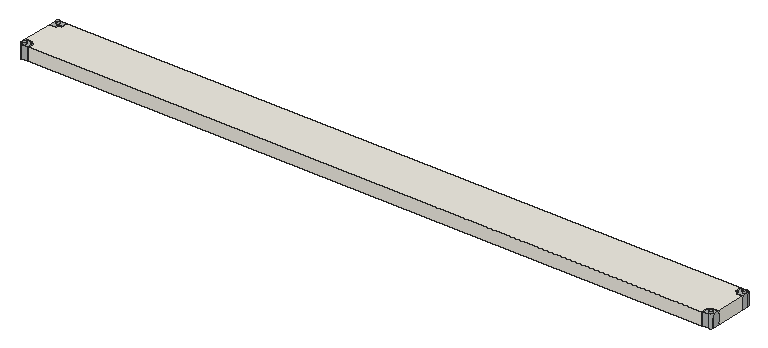
Revit family "HIGHTECH", category Осветительные приборы, Revit 2019 (continued)
Types (32, lengths in mm): name | Файл фотометрической сетки | built-in parameter 1150105 | Lumens | built-in parameter 1150106 | built-in parameter 1150142 | Wattage | Emit from Rectangle Width | Emit from Rectangle Length | Длина | Ширина | ADSK_Ток | ADSK_Полная мощность | ADSK_Обозначение | ADSK_Номинальная мощность | ADSK_Наименование | ADSK_Масса | ADSK_Код изделия
  Hightech-30/opal-sand 295х595 (IP40, 4000К, белый) | "Светильник HIGHTECH-30 OPAL-SAND-(295x595).IES" | 198.94 (stored number, unit not read) | 2500 lm | 1.9894 (stored number, unit not read) | "IESNA:LM-63-95\r\n[TEST] Протокол №80\r\n[DATA]26.06.2016\r\n[MORE] \r\n[MANUFAC] ЗАО \"Центрстройсвет\"\r\n[LUMCAT]  Светильник HIGHTECH-30/OPAL-SAND-(295x595)\r\n[LUMINAIRE]\r\n[LAMPCAT] Светодиоды\r\n[LAMP] Поток источника света (светодиодов) не известен\r\n[MORE] КСС приведена в абсолютных величинах кд\r\n[MORE] Вместо потока лампы, указан поток светильника.\r\nTILT=NONE\r\n1    2420 1.0 37 73 1 2 0.295 0.595 0.04\r\n1.0 1.0 28.9\r\n0.0 5.0 10.0 15.0 20.0 25.0 30.0 35.0 40.0 45.0 50.0 55.0 60.0 65.0 70.0 75.0 80.0 85.0 90.0 95.0 100.0 105.0 110.0 115.0 120.0 125.0 130.0 135.0 140.0 145.0 150.0 155.0 160.0 165.0 170.0 175.0 180.0\r\n0.0 5.0 10.0 15.0 20.0 25.0 30.0 35.0 40.0 45.0 50.0 55.0 60.0 65.0 70.0 75.0 80.0 85.0 90.0 95.0 100.0 105.0 110.0 115.0 120.0 125.0 130.0 135.0 140.0 145.0 150.0 155.0 160.0 165.0 170.0 175.0 180.0 185.0 190.0 195.0 200.0 205.0 210.0 215.0 220.0 225.0 230.0 235.0 240.0 245.0 250.0 255.0 260.0 265.0 270.0 275.0 280.0 285.0 290.0 295.0 300.0 305.0 310.0 315.0 320.0 325.0 330.0 335.0 340.0 345.0 350.0 355.0 360.0\r\n911.1 908.3 889.4 861.2 824.6 779.8 729.1 674.3 613.8 546.0 479.1 412.2 342.1 274.7 206.6 142.5 83.1 30.5 0.2 0.0 0.0 0.0 0.0 0.0 0.0 0.0 0.0 0.0 0.0 0.0 0.0 0.0 0.0 0.0 0.0 0.0 0.0\r\n911.1 908.3 890.4 862.2 826.0 781.2 730.0 673.5 610.8 545.9 478.1 412.0 343.0 274.6 207.5 142.8 83.4 31.1 0.3 0.0 0.0 0.0 0.0 0.0 0.0 0.0 0.0 0.0 0.0 0.0 0.0 0.0 0.0 0.0 0.0 0.0 0.0\r\n911.1 908.5 890.5 862.8 826.3 781.1 729.7 670.6 612.5 548.7 480.3 412.7 344.4 275.2 207.5 143.5 83.8 31.5 0.3 0.0 0.0 0.0 0.0 0.0 0.0 0.0 0.0 0.0 0.0 0.0 0.0 0.0 0.0 0.0 0.0 0.0 0.0\r\n911.1 909.2 889.7 860.5 825.1 782.3 731.0 672.5 613.1 547.3 478.2 411.8 342.9 275.2 208.3 143.7 83.9 31.8 0.3 0.0 0.0 0.0 0.0 0.0 0.0 0.0 0.0 0.0 0.0 0.0 0.0 0.0 0.0 0.0 0.0 0.0 0.0\r\n911.1 909.0 891.0 861.5 825.6 782.4 732.7 675.9 611.0 545.2 481.9 413.1 344.4 276.1 208.3 144.0 84.6 32.0 0.3 0.0 0.0 0.0 0.0 0.0 0.0 0.0 0.0 0.0 0.0 0.0 0.0 0.0 0.0 0.0 0.0 0.0 0.0\r\n911.1 908.9 890.1 863.3 826.9 783.2 729.2 673.9 611.8 547.8 480.9 414.1 343.8 275.8 208.6 144.4 85.0 32.4 0.3 0.0 0.0 0.0 0.0 0.0 0.0 0.0 0.0 0.0 0.0 0.0 0.0 0.0 0.0 0.0 0.0 0.0 0.0\r\n911.1 908.9 890.0 862.2 828.3 782.8 731.1 675.1 614.3 547.6 481.3 413.0 345.8 276.7 208.8 145.0 85.3 32.6 0.4 0.0 0.0 0.0 0.0 0.0 0.0 0.0 0.0 0.0 0.0 0.0 0.0 0.0 0.0 0.0 0.0 0.0 0.0\r\n911.1 908.5 891.5 865.2 825.7 780.8 732.5 674.6 615.0 551.3 482.1 414.1 345.1 277.4 208.6 145.5 85.5 33.2 0.5 0.0 0.0 0.0 0.0 0.0 0.0 0.0 0.0 0.0 0.0 0.0 0.0 0.0 0.0 0.0 0.0 0.0 0.0\r\n911.1 908.2 891.4 865.6 827.3 781.0 734.3 676.9 614.9 549.4 482.0 413.8 346.2 277.0 209.5 145.9 86.0 33.8 0.4 0.0 0.0 0.0 0.0 0.0 0.0 0.0 0.0 0.0 0.0 0.0 0.0 0.0 0.0 0.0 0.0 0.0 0.0\r\n911.1 908.7 891.0 864.3 829.6 784.0 732.9 673.2 614.9 550.2 484.5 414.8 346.4 277.8 210.5 146.4 87.2 33.9 0.6 0.0 0.0 0.0 0.0 0.0 0.0 0.0 0.0 0.0 0.0 0.0 0.0 0.0 0.0 0.0 0.0 0.0 0.0\r\n911.1 909.3 890.7 863.4 828.2 782.7 733.6 675.6 617.1 551.3 485.9 416.5 347.0 279.5 211.3 147.1 87.6 34.5 0.8 0.0 0.0 0.0 0.0 0.0 0.0 0.0 0.0 0.0 0.0 0.0 0.0 0.0 0.0 0.0 0.0 0.0 0.0\r\n911.1 908.7 892.5 864.0 829.2 784.2 733.3 676.9 615.6 551.9 484.7 416.9 348.3 279.6 211.6 148.3 88.1 35.0 0.9 0.0 0.0 0.0 0.0 0.0 0.0 0.0 0.0 0.0 0.0 0.0 0.0 0.0 0.0 0.0 0.0 0.0 0.0\r\n911.1 907.6 892.1 865.2 827.4 784.6 731.8 676.8 617.7 552.8 485.1 418.8 350.7 281.3 212.5 148.4 89.0 35.7 1.0 0.0 0.0 0.0 0.0 0.0 0.0 0.0 0.0 0.0 0.0 0.0 0.0 0.0 0.0 0.0 0.0 0.0 0.0\r\n911.1 907.1 892.1 864.5 830.2 788.3 733.6 677.4 617.3 552.0 487.9 420.8 349.8 281.3 213.4 149.2 89.9 36.2 1.3 0.0 0.0 0.0 0.0 0.0 0.0 0.0 0.0 0.0 0.0 0.0 0.0 0.0 0.0 0.0 0.0 0.0 0.0\r\n911.1 907.7 891.9 865.7 828.5 785.6 735.2 678.9 620.0 555.8 488.8 421.1 351.5 282.7 215.2 149.7 90.8 36.9 1.5 0.0 0.0 0.0 0.0 0.0 0.0 0.0 0.0 0.0 0.0 0.0 0.0 0.0 0.0 0.0 0.0 0.0 0.0\r\n911.1 907.8 891.0 864.8 830.1 786.1 738.7 679.4 616.5 556.6 490.6 420.2 352.4 284.5 215.4 151.3 91.1 37.6 1.5 0.0 0.0 0.0 0.0 0.0 0.0 0.0 0.0 0.0 0.0 0.0 0.0 0.0 0.0 0.0 0.0 0.0 0.0\r\n911.1 907.6 892.2 865.5 829.8 785.3 740.8 681.1 621.3 555.2 488.2 422.8 352.5 285.0 216.2 151.5 92.2 38.3 1.9 0.0 0.0 0.0 0.0 0.0 0.0 0.0 0.0 0.0 0.0 0.0 0.0 0.0 0.0 0.0 0.0 0.0 0.0\r\n911.1 907.4 892.1 866.1 829.8 787.6 737.3 681.4 621.4 556.0 491.1 422.7 354.9 284.7 217.1 152.4 93.0 39.4 2.0 0.0 0.0 0.0 0.0 0.0 0.0 0.0 0.0 0.0 0.0 0.0 0.0 0.0 0.0 0.0 0.0 0.0 0.0\r\n911.1 907.1 892.7 864.9 831.7 788.2 738.4 680.3 623.5 555.8 491.4 423.2 354.0 286.0 218.2 152.8 93.7 40.1 1.9 0.0 0.0 0.0 0.0 0.0 0.0 0.0 0.0 0.0 0.0 0.0 0.0 0.0 0.0 0.0 0.0 0.0 0.0\r\n911.1 907.4 892.3 867.6 830.6 789.2 737.9 683.1 622.5 558.1 492.5 424.4 355.9 287.7 219.1 154.3 94.7 40.4 2.5 0.0 0.0 0.0 0.0 0.0 0.0 0.0 0.0 0.0 0.0 0.0 0.0 0.0 0.0 0.0 0.0 0.0 0.0\r\n911.1 907.5 892.4 866.9 832.1 790.0 736.6 683.9 623.3 559.4 493.1 425.9 357.0 288.4 220.1 155.2 95.3 41.1 2.6 0.0 0.0 0.0 0.0 0.0 0.0 0.0 0.0 0.0 0.0 0.0 0.0 0.0 0.0 0.0 0.0 0.0 0.0\r\n911.1 906.9 893.0 866.2 832.9 789.5 740.6 686.4 622.6 558.9 494.6 425.2 357.7 289.6 220.8 156.1 95.8 41.9 2.6 0.0 0.0 0.0 0.0 0.0 0.0 0.0 0.0 0.0 0.0 0.0 0.0 0.0 0.0 0.0 0.0 0.0 0.0\r\n911.1 906.5 892.0 867.1 832.6 789.9 741.4 686.3 627.3 561.0 497.2 429.6 357.8 290.1 222.7 156.4 96.7 42.4 3.1 0.0 0.0 0.0 0.0 0.0 0.0 0.0 0.0 0.0 0.0 0.0 0.0 0.0 0.0 0.0 0.0 0.0 0.0\r\n911.1 906.8 892.3 868.3 834.8 789.8 739.1 686.9 625.0 562.3 496.2 428.6 359.5 290.7 222.5 158.0 97.5 42.6 3.4 0.0 0.0 0.0 0.0 0.0 0.0 0.0 0.0 0.0 0.0 0.0 0.0 0.0 0.0 0.0 0.0 0.0 0.0\r\n911.1 907.7 893.1 868.2 834.1 793.7 743.1 687.9 626.4 562.8 495.5 430.8 360.5 292.6 223.4 158.6 97.7 43.5 3.3 0.0 0.0 0.0 0.0 0.0 0.0 0.0 0.0 0.0 0.0 0.0 0.0 0.0 0.0 0.0 0.0 0.0 0.0\r\n911.1 908.2 893.8 868.2 835.6 793.6 743.3 688.3 626.0 564.5 498.1 431.2 361.0 293.4 224.3 158.9 98.6 44.0 3.5 0.0 0.0 0.0 0.0 0.0 0.0 0.0 0.0 0.0 0.0 0.0 0.0 0.0 0.0 0.0 0.0 0.0 0.0\r\n911.1 906.7 894.2 868.9 835.7 792.8 743.7 688.3 628.3 564.5 497.7 430.5 361.2 293.3 224.8 160.4 99.3 44.4 3.7 0.0 0.0 0.0 0.0 0.0 0.0 0.0 0.0 0.0 0.0 0.0 0.0 0.0 0.0 0.0 0.0 0.0 0.0\r\n911.1 906.5 894.7 867.9 834.7 795.0 744.2 689.6 630.1 566.4 499.6 431.8 363.0 294.1 225.6 160.8 100.0 45.1 3.6 0.0 0.0 0.0 0.0 0.0 0.0 0.0 0.0 0.0 0.0 0.0 0.0 0.0 0.0 0.0 0.0 0.0 0.0\r\n911.1 906.5 895.1 869.9 835.9 794.8 744.6 690.7 627.4 566.4 500.2 432.4 364.0 294.7 227.0 161.2 100.6 45.6 3.8 0.0 0.0 0.0 0.0 0.0 0.0 0.0 0.0 0.0 0.0 0.0 0.0 0.0 0.0 0.0 0.0 0.0 0.0\r\n911.1 906.1 895.4 869.1 835.9 794.7 746.0 689.6 630.7 566.6 499.6 432.7 363.1 295.7 227.9 161.9 100.9 46.3 4.0 0.0 0.0 0.0 0.0 0.0 0.0 0.0 0.0 0.0 0.0 0.0 0.0 0.0 0.0 0.0 0.0 0.0 0.0\r\n911.1 906.1 894.6 870.7 836.3 795.3 746.6 689.6 632.6 567.7 500.1 432.1 364.4 296.0 227.8 162.7 101.4 46.4 4.5 0.0 0.0 0.0 0.0 0.0 0.0 0.0 0.0 0.0 0.0 0.0 0.0 0.0 0.0 0.0 0.0 0.0 0.0\r\n911.1 906.3 895.6 868.8 835.5 793.2 745.3 690.7 630.8 568.5 500.6 433.3 364.7 295.8 227.5 162.6 101.3 46.8 4.6 0.0 0.0 0.0 0.0 0.0 0.0 0.0 0.0 0.0 0.0 0.0 0.0 0.0 0.0 0.0 0.0 0.0 0.0\r\n911.1 907.0 895.4 871.8 837.5 794.5 744.5 690.6 631.8 568.8 502.5 436.2 365.6 296.2 228.3 163.9 101.9 47.1 4.6 0.0 0.0 0.0 0.0 0.0 0.0 0.0 0.0 0.0 0.0 0.0 0.0 0.0 0.0 0.0 0.0 0.0 0.0\r\n911.1 907.6 895.4 871.8 839.2 796.0 747.1 690.6 629.6 567.5 501.4 434.5 365.7 297.2 228.8 163.4 102.4 47.5 4.6 0.0 0.0 0.0 0.0 0.0 0.0 0.0 0.0 0.0 0.0 0.0 0.0 0.0 0.0 0.0 0.0 0.0 0.0\r\n911.1 906.1 895.5 871.6 838.7 794.9 748.2 694.5 632.4 570.3 502.5 434.5 365.5 297.1 229.4 164.0 102.4 47.5 4.7 0.0 0.0 0.0 0.0 0.0 0.0 0.0 0.0 0.0 0.0 0.0 0.0 0.0 0.0 0.0 0.0 0.0 0.0\r\n911.1 904.8 895.9 869.8 836.7 797.2 747.1 691.9 633.4 569.5 503.4 435.1 366.2 298.1 229.3 163.6 102.3 47.2 4.3 0.0 0.0 0.0 0.0 0.0 0.0 0.0 0.0 0.0 0.0 0.0 0.0 0.0 0.0 0.0 0.0 0.0 0.0\r\n911.1 905.3 894.0 871.2 840.2 796.2 748.3 691.8 631.5 572.4 503.6 433.5 366.8 297.9 229.2 163.3 101.8 46.8 3.8 0.0 0.0 0.0 0.0 0.0 0.0 0.0 0.0 0.0 0.0 0.0 0.0 0.0 0.0 0.0 0.0 0.0 0.0\r\n911.1 906.0 894.9 870.9 837.1 795.0 745.7 693.0 630.8 569.0 503.7 436.4 366.4 297.7 229.8 163.4 101.8 46.5 3.4 0.0 0.0 0.0 0.0 0.0 0.0 0.0 0.0 0.0 0.0 0.0 0.0 0.0 0.0 0.0 0.0 0.0 0.0\r\n911.1 905.6 893.6 871.4 839.9 797.6 749.1 691.5 633.0 570.8 502.5 434.8 366.1 296.6 228.5 162.8 101.0 46.0 2.9 0.0 0.0 0.0 0.0 0.0 0.0 0.0 0.0 0.0 0.0 0.0 0.0 0.0 0.0 0.0 0.0 0.0 0.0\r\n911.1 905.5 894.6 871.9 838.0 794.6 747.0 692.0 634.0 569.3 502.9 435.5 366.8 296.4 228.8 163.2 101.1 46.1 2.8 0.0 0.0 0.0 0.0 0.0 0.0 0.0 0.0 0.0 0.0 0.0 0.0 0.0 0.0 0.0 0.0 0.0 0.0\r\n911.1 906.2 893.1 871.0 837.2 796.8 749.0 694.0 633.1 569.5 503.5 436.7 366.4 297.6 228.4 162.6 101.3 45.7 2.8 0.0 0.0 0.0 0.0 0.0 0.0 0.0 0.0 0.0 0.0 0.0 0.0 0.0 0.0 0.0 0.0 0.0 0.0\r\n911.1 905.4 893.6 869.9 837.0 796.8 747.6 692.4 634.5 568.4 503.4 433.2 365.8 296.2 227.1 162.3 100.7 45.6 2.7 0.0 0.0 0.0 0.0 0.0 0.0 0.0 0.0 0.0 0.0 0.0 0.0 0.0 0.0 0.0 0.0 0.0 0.0\r\n911.1 905.2 893.1 870.9 837.6 799.4 749.7 694.6 632.4 569.7 501.2 433.7 366.5 296.3 227.6 162.0 100.7 45.2 2.6 0.0 0.0 0.0 0.0 0.0 0.0 0.0 0.0 0.0 0.0 0.0 0.0 0.0 0.0 0.0 0.0 0.0 0.0\r\n911.1 905.6 892.8 867.9 836.3 795.3 747.6 693.8 632.3 568.8 503.5 433.9 364.4 295.4 227.4 162.1 100.2 45.0 2.6 0.0 0.0 0.0 0.0 0.0 0.0 0.0 0.0 0.0 0.0 0.0 0.0 0.0 0.0 0.0 0.0 0.0 0.0\r\n911.1 906.0 891.2 869.4 838.7 796.6 744.5 691.3 630.5 568.4 500.5 432.6 364.8 294.7 226.6 161.5 99.4 44.6 2.4 0.0 0.0 0.0 0.0 0.0 0.0 0.0 0.0 0.0 0.0 0.0 0.0 0.0 0.0 0.0 0.0 0.0 0.0\r\n911.1 906.3 892.3 868.8 836.4 794.7 746.4 690.6 628.4 567.4 501.0 433.5 364.4 294.7 226.3 161.5 99.1 44.1 2.3 0.0 0.0 0.0 0.0 0.0 0.0 0.0 0.0 0.0 0.0 0.0 0.0 0.0 0.0 0.0 0.0 0.0 0.0\r\n911.1 906.1 891.2 870.3 836.5 796.5 746.5 691.1 630.2 565.4 501.0 432.5 361.6 293.6 224.8 160.3 98.9 43.7 2.2 0.0 0.0 0.0 0.0 0.0 0.0 0.0 0.0 0.0 0.0 0.0 0.0 0.0 0.0 0.0 0.0 0.0 0.0\r\n911.1 906.7 892.3 869.5 834.4 794.2 744.3 688.5 631.3 567.2 500.0 431.6 362.1 292.6 224.4 159.4 98.3 43.1 2.1 0.0 0.0 0.0 0.0 0.0 0.0 0.0 0.0 0.0 0.0 0.0 0.0 0.0 0.0 0.0 0.0 0.0 0.0\r\n911.1 906.3 891.7 869.3 838.3 794.6 745.1 687.7 632.2 566.3 497.6 429.3 361.9 293.2 223.9 158.7 97.6 42.4 1.9 0.0 0.0 0.0 0.0 0.0 0.0 0.0 0.0 0.0 0.0 0.0 0.0 0.0 0.0 0.0 0.0 0.0 0.0\r\n911.1 906.6 891.2 870.7 835.8 791.7 742.2 688.7 628.2 564.3 497.8 429.8 361.0 291.5 223.5 157.7 97.3 42.0 1.8 0.0 0.0 0.0 0.0 0.0 0.0 0.0 0.0 0.0 0.0 0.0 0.0 0.0 0.0 0.0 0.0 0.0 0.0\r\n911.1 906.1 891.3 868.6 834.6 791.7 744.4 685.8 625.4 562.6 496.6 428.8 360.1 290.5 222.4 157.1 96.1 41.3 1.7 0.0 0.0 0.0 0.0 0.0 0.0 0.0 0.0 0.0 0.0 0.0 0.0 0.0 0.0 0.0 0.0 0.0 0.0\r\n911.1 905.2 892.6 868.1 835.0 791.5 742.2 686.7 625.4 563.1 497.3 427.9 358.4 290.7 221.2 155.8 95.6 40.8 1.5 0.0 0.0 0.0 0.0 0.0 0.0 0.0 0.0 0.0 0.0 0.0 0.0 0.0 0.0 0.0 0.0 0.0 0.0\r\n911.1 905.3 892.8 868.0 833.0 791.3 744.3 685.1 623.6 560.5 492.9 426.5 357.2 288.9 220.3 154.7 94.8 40.1 1.3 0.0 0.0 0.0 0.0 0.0 0.0 0.0 0.0 0.0 0.0 0.0 0.0 0.0 0.0 0.0 0.0 0.0 0.0\r\n911.1 906.6 890.8 868.3 833.0 790.4 741.1 685.4 624.1 560.7 492.9 424.1 356.4 288.9 219.7 154.0 93.5 39.4 1.2 0.0 0.0 0.0 0.0 0.0 0.0 0.0 0.0 0.0 0.0 0.0 0.0 0.0 0.0 0.0 0.0 0.0 0.0\r\n911.1 907.4 891.8 866.4 833.1 790.2 739.5 683.6 621.7 561.4 494.4 424.6 356.0 287.1 219.0 153.3 92.5 38.6 1.1 0.0 0.0 0.0 0.0 0.0 0.0 0.0 0.0 0.0 0.0 0.0 0.0 0.0 0.0 0.0 0.0 0.0 0.0\r\n911.1 907.0 891.7 867.9 832.2 788.0 736.3 683.3 623.7 556.4 492.1 424.3 353.3 286.6 217.1 152.4 91.9 37.8 0.8 0.0 0.0 0.0 0.0 0.0 0.0 0.0 0.0 0.0 0.0 0.0 0.0 0.0 0.0 0.0 0.0 0.0 0.0\r\n911.1 906.8 892.1 865.5 829.5 787.9 737.3 680.4 618.9 555.6 491.7 423.2 353.3 284.2 216.2 151.5 91.3 37.0 0.7 0.0 0.0 0.0 0.0 0.0 0.0 0.0 0.0 0.0 0.0 0.0 0.0 0.0 0.0 0.0 0.0 0.0 0.0\r\n911.1 906.0 890.4 864.7 830.5 788.2 737.8 682.0 618.5 554.8 489.2 421.0 352.5 282.8 214.0 149.9 90.1 36.6 0.6 0.0 0.0 0.0 0.0 0.0 0.0 0.0 0.0 0.0 0.0 0.0 0.0 0.0 0.0 0.0 0.0 0.0 0.0\r\n911.1 905.1 891.5 865.2 828.0 784.8 738.1 677.5 619.3 553.0 488.5 419.0 350.1 282.1 214.0 149.5 89.3 35.6 0.4 0.0 0.0 0.0 0.0 0.0 0.0 0.0 0.0 0.0 0.0 0.0 0.0 0.0 0.0 0.0 0.0 0.0 0.0\r\n911.1 906.0 891.6 863.4 826.4 784.8 735.2 679.4 616.1 553.3 487.5 418.1 349.5 281.2 213.4 148.4 88.5 34.8 0.3 0.0 0.0 0.0 0.0 0.0 0.0 0.0 0.0 0.0 0.0 0.0 0.0 0.0 0.0 0.0 0.0 0.0 0.0\r\n911.1 906.8 890.4 864.5 828.0 784.0 735.1 678.8 616.8 551.9 484.6 417.7 349.7 279.3 211.1 147.6 87.7 34.2 0.3 0.0 0.0 0.0 0.0 0.0 0.0 0.0 0.0 0.0 0.0 0.0 0.0 0.0 0.0 0.0 0.0 0.0 0.0\r\n911.1 907.5 888.8 862.0 826.9 780.2 732.3 675.0 614.9 551.2 485.3 416.4 346.6 278.8 211.6 146.2 86.7 33.6 0.2 0.0 0.0 0.0 0.0 0.0 0.0 0.0 0.0 0.0 0.0 0.0 0.0 0.0 0.0 0.0 0.0 0.0 0.0\r\n911.1 907.5 889.7 863.2 826.6 785.1 732.2 672.0 614.2 551.3 484.5 416.7 346.2 277.6 210.1 145.9 85.8 32.8 0.2 0.0 0.0 0.0 0.0 0.0 0.0 0.0 0.0 0.0 0.0 0.0 0.0 0.0 0.0 0.0 0.0 0.0 0.0\r\n911.1 907.3 890.1 863.9 825.1 780.0 730.7 678.4 612.1 549.9 481.9 414.5 344.9 276.9 209.3 145.1 85.2 32.3 0.1 0.0 0.0 0.0 0.0 0.0 0.0 0.0 0.0 0.0 0.0 0.0 0.0 0.0 0.0 0.0 0.0 0.0 0.0\r\n911.1 908.5 889.1 862.4 825.5 781.7 731.2 672.6 612.0 547.6 482.4 413.8 345.8 275.4 208.5 144.0 84.8 31.6 0.1 0.0 0.0 0.0 0.0 0.0 0.0 0.0 0.0 0.0 0.0 0.0 0.0 0.0 0.0 0.0 0.0 0.0 0.0\r\n911.1 908.0 889.3 861.7 824.9 780.9 731.0 672.8 611.9 545.5 481.0 411.8 343.3 274.8 207.7 143.4 84.0 31.2 0.1 0.0 0.0 0.0 0.0 0.0 0.0 0.0 0.0 0.0 0.0 0.0 0.0 0.0 0.0 0.0 0.0 0.0 0.0\r\n911.1 906.5 887.9 861.2 824.2 781.5 729.8 672.2 609.7 547.2 479.7 411.1 343.5 274.5 206.8 143.2 83.6 30.7 0.1 0.0 0.0 0.0 0.0 0.0 0.0 0.0 0.0 0.0 0.0 0.0 0.0 0.0 0.0 0.0 0.0 0.0 0.0\r\n911.1 906.8 888.0 859.9 826.4 781.3 727.9 671.1 610.9 546.9 478.6 411.5 342.5 274.4 207.1 142.8 83.0 30.3 0.1 0.0 0.0 0.0 0.0 0.0 0.0 0.0 0.0 0.0 0.0 0.0 0.0 0.0 0.0 0.0 0.0 0.0 0.0\r\n911.1 907.2 889.6 859.4 824.1 778.8 730.0 672.0 610.3 544.9 478.2 410.6 341.6 274.5 206.3 141.9 82.8 30.0 0.1 0.0 0.0 0.0 0.0 0.0 0.0 0.0 0.0 0.0 0.0 0.0 0.0 0.0 0.0 0.0 0.0 0.0 0.0\r\n911.1 908.0 888.9 861.7 823.7 778.6 726.6 673.0 609.3 546.3 478.0 409.7 341.7 273.2 206.1 141.7 82.2 29.9 0.0 0.0 0.0 0.0 0.0 0.0 0.0 0.0 0.0 0.0 0.0 0.0 0.0 0.0 0.0 0.0 0.0 0.0 0.0\r\n911.1 908.5 889.0 862.2 823.5 778.2 729.5 669.6 608.8 545.8 478.2 411.0 340.7 272.7 206.2 142.0 82.2 29.8 0.1 0.0 0.0 0.0 0.0 0.0 0.0 0.0 0.0 0.0 0.0 0.0 0.0 0.0 0.0 0.0 0.0 0.0 0.0\r\n911.1 908.3 889.7 863.3 826.0 781.1 728.4 671.9 608.5 545.7 478.5 410.8 342.7 273.4 205.7 141.8 82.4 30.1 0.2 0.0 0.0 0.0 0.0 0.0 0.0 0.0 0.0 0.0 0.0 0.0 0.0 0.0 0.0 0.0 0.0 0.0 0.0\r\n911.1 908.3 889.4 861.2 824.6 779.8 729.1 674.3 613.8 546.0 479.1 412.2 342.1 274.7 206.6 142.5 83.1 30.5 0.2 0.0 0.0 0.0 0.0 0.0 0.0 0.0 0.0 0.0 0.0 0.0 0.0 0.0 0.0 0.0 0.0 0.0 0.0\r\n" | 16.8303 W | 255 | 555 | 595 | 295 | 0.141777 A | 32.6087 VA | "Hightech-30/opal-sand 295х595 (IP40, 4000К, белый)" | 30 W | "Универсальный светодиодный светильник Hightech-30/opal-sand 295х595 (IP40, 4000К, белый)" | 1.4 | "ЦБ000007366"
